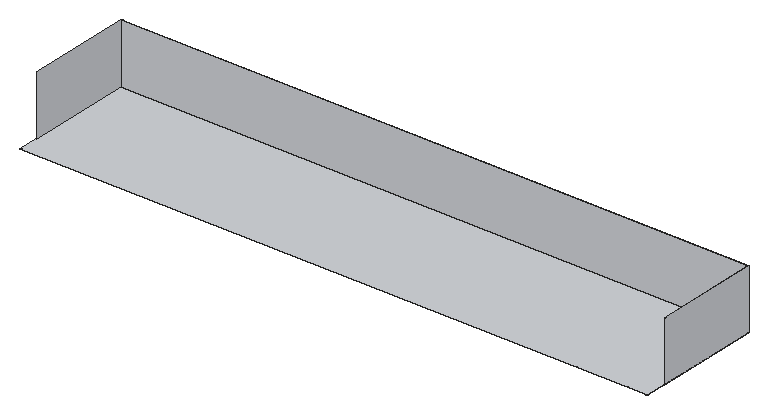
Revit family "FILI_БалконЛоджия_РасчетИнсоляции_Условно_R21(ОбМод)", category Обобщенные модели, Revit 2021
Family settings
  Может служить основой для арматурных стержней = Нет
  Размер круглого соединителя = Использовать диаметр
  Тип детали = Нормальный
  На основе рабочей плоскости = Нет
  Всегда вертикально = Да
  При загрузке вырезать с полостями = Да
  Общий = Нет
  Точка принадлежности помещению = Нет
Parameters (values of type "Окно_Расчетное")
  ЦентрИнсоляции_Наличие [instance] = yes
  Центр_Сдвиг_Ширина [instance] = 440 mm
  Центр_Сдвиг_Глубина [instance] = 740 mm
  Центр_Сдвиг_Высота [instance] = 700 mm
  УГО_Центр [instance] = yes
  ТехГлуб [instance] = 698.642 mm
  Сдвиг_Оси [instance] = yes
  Сдвиг_Начало [instance] = yes
  Отметка по умолчанию = 0 mm
  ОкноШирБ [instance] = 700 mm
  ОкноШирА [instance] = 700 mm
  Ограждение_Толщина_Тех = 1 mm  # constant formula
  Ограждение_Высота [instance] = 440.709 mm
  Ограждение_Видимость = yes
  БалконШирА [instance] = 1500 mm
  Балкон_Ширина [instance] = 4600 mm
  Балкон_Глубина [instance] = 766.941 mm
  БалкШирБ [instance] = 3100 mm
  FILI_ПериодИнсоляции [instance] = ""
  FILI_ОбщееВремяИнсоляции_Точка [instance] = 0.0 min
  ADSK_Размер_Ширина [instance] = 1400 mm
  ADSK_Размер_Глубина [instance] = 300 mm
  ADSK_Размер_Высота [instance] = 2100 mm
Reference planes
  plane 1 "По центру (Вперед/Назад)": y = 0
  plane 2: z = 0
  plane 3 "По центру (Влево/Вправо)": x = 0
  plane 4: x = -700
  plane 5: y = -150
  plane 6: x = 700
  plane 7: y = 150
  plane 8: z = 2100
  plane 9: z = 700
  plane 10: y = -108.642
  plane 11: x = 260
  plane 12: y = 590
  plane 13: y = 916.941
  plane 14: x = -1500
  plane 15: x = 3100
  plane 16: x = -1501
  plane 17: y = 917.941
  plane 18: x = 3101
  plane 19: z = 440.709
Forms (mm)
  Extrusion 1, void
    sketch origin (0, 0, 0) x (1, 0, 0) y (0, 1, 0)
      loop
        line (700, -150) -> (700, 150) -> (3100, 150) -> (3100, 916.941) -> (-1500, 916.941) -> (-1500, 150) -> (-700, 150) -> (-700, -150) -> (700, -150)
    from 0 to 2100
  Extrusion 2, solid, visible <- "Ограждение_Видимость"
    sketch origin (0, 0, 0) x (1, 0, 0) y (0, 1, 0)
      loop
        line (-1501, 917.941) -> (-1501, 150) -> (-1500, 150) -> (-1500, 916.941) -> (3100, 916.941) -> (3100, 150) -> (3101, 150) -> (3101, 917.941) -> (-1501, 917.941)
    from 0 to 440.709
  Extrusion 3, solid
    sketch origin (0, 0, 0) x (1, 0, 0) y (0, 1, 0)
      loop
        line (-1501, 917.941) -> (-1501, 0) -> (3101, 0) -> (3101, 917.941) -> (-1501, 917.941)
    from 1 to 0
Lines and regions (mm)
  Masking region 1, visible <- "Сдвиг_Начало"
    outline origin (0, 0, 0) x (1, 0, 0) y (0, 1, 0)
      loop
        line (700, -150) -> (700, -518.709) -> (1085.441, -150) -> (700, -150)
  symbolic lines, style "Контур"
    curve 1: line (-1500, 150, 0) -> (3100, 150, 0)
    curve 2: line (-700, -150, 0) -> (-700, 150, 0)
    curve 3: line (700, -150, 0) -> (-700, -150, 0)
    curve 4: line (700, 150, 0) -> (700, -150, 0)
    curve 12: line (-1500, 916.941, 0) -> (3100, 916.941, 0)
    curve 13: line (-1500, 916.941, 0) -> (-1500, 150, 0)
    curve 14: line (3100, 916.941, 0) -> (3100, 150, 0)
  symbolic lines, style "УГО_НачалоСдвига", visible <- "Сдвиг_Оси"
    curve 5: line (900, 590, 0) -> (-300, 590, 0)
    curve 6: line (260, 790, 0) -> (260, 390, 0)
    curve 19: line (800, -108.642, 0) -> (-800, -108.642, 0)
  symbolic lines
    curve 7: line (-700, 0, 2100) -> (700, 0, 2100)
    curve 8: line (700, 0, 2100) -> (700, 0, 0)
    curve 9: line (-700, 0, 0) -> (700, 0, 0)
    curve 10: line (-700, 0, 2100) -> (-700, 0, 0)
  symbolic lines, style "УГО_Перекрестие_Центра"
    curve 11: line (3076.836, 0, 700) -> (-1802.372, 0, 700)
    curve 15: line (260, 590, 0) -> (-700, -108.642, 0)
    curve 16: line (260, 590, 0) -> (3100, 916.941, 0)
    curve 17: line (260, 590, 0) -> (-1500, 916.941, 0)
    curve 18: line (700, -108.642, 0) -> (260, 590, 0)
Dimensions and locks
  "ADSK_Размер_Глубина": plane 5 to plane 7
  equal spacing: plane 7, plane 1 "По центру (Вперед/Назад)", plane 5
  "ADSK_Размер_Ширина": plane 4 to plane 6
  "ADSK_Размер_Высота": plane 8 to level
  "Центр_Сдвиг_Высота": plane 9 to level
  "Центр_Сдвиг_Глубина": plane 12 to plane 5
  "Центр_Сдвиг_Ширина": plane 11 to plane 6
  "Балкон_Глубина": plane 7 to plane 13
  "Балкон_Ширина": plane 14 to plane 15
  "ОкноШирА": plane 4 to plane 3 "По центру (Влево/Вправо)"
  "ОкноШирБ": plane 3 "По центру (Влево/Вправо)" to plane 6
  "БалконШирА": plane 14 to plane 3 "По центру (Влево/Вправо)"
  "БалкШирБ": plane 3 "По центру (Влево/Вправо)" to plane 15
  locked: plane 6 to Masking region 1 sketch curve at 385.441
  locked: plane 5 to Masking region 1 sketch curve at 368.709
  locked: curve 6 to plane 12 at 200
  locked: plane 12 to curve 6 at 200
  locked: curve 1 to plane 7
  locked: curve 5 to plane 11 at 560
  locked: plane 11 to curve 5 at 640
  "Ограждение_Толщина_Тех": plane 15 to plane 18
  "Ограждение_Толщина_Тех": plane 17 to plane 13
  "Ограждение_Толщина_Тех": plane 16 to plane 14
  "Ограждение_Высота": plane 19 to level
  "ТехГлуб": plane 10 to plane 12
  locked: curve 19 to plane 4 at 100
  locked: plane 6 to curve 19 at 100
  locked: Extrusion 3 to level at 1
  aligned and locked: level to plane 2
  aligned and locked: curve 4 to plane 6
  aligned and locked: plane 6 to Extrusion 1 sketch curve
  aligned and locked: Extrusion 1 sketch curve to plane 5
  aligned and locked: Extrusion 1 sketch curve to plane 4
  aligned and locked: Extrusion 1 to plane 8
  aligned and locked: Extrusion 1 to level
  aligned and locked: Masking region 1 to plane 6
  aligned and locked: plane 5 to Masking region 1
  aligned and locked: curve 6 to plane 11
  aligned and locked: curve 7 to plane 8
  aligned and locked: curve 8 to plane 6
  aligned and locked: curve 9 to level
  aligned and locked: curve 10 to plane 4
  aligned and locked: curve 11 to plane 9
  aligned and locked: plane 11 to nested 1
  aligned and locked: nested 1 to plane 9
  aligned and locked: plane 14 to curve 1
  aligned and locked: plane 13 to curve 12
  aligned and locked: Extrusion 1 sketch curve to plane 7
  aligned and locked: Extrusion 1 sketch curve to plane 13
  aligned and locked: Extrusion 1 sketch curve to plane 14
  aligned and locked: Extrusion 1 sketch curve to plane 15
  aligned and locked: curve 5 to plane 12
  aligned and locked: plane 7 to Extrusion 1  (x2)
  aligned and locked: plane 12 to nested 1
  aligned and locked: plane 4 to curve 15
  aligned and locked: plane 11 to curve 16
  aligned and locked: plane 13 to curve 16
  aligned and locked: plane 15 to curve 16
  aligned and locked: plane 14 to curve 17
  aligned and locked: plane 12 to curve 17
  aligned and locked: plane 6 to curve 18
  aligned and locked: Extrusion 2 sketch curve to plane 17
  aligned and locked: plane 16 to Extrusion 2 sketch curve
  aligned and locked: Extrusion 2 sketch curve to plane 7  (x2)
  aligned and locked: plane 18 to Extrusion 2 sketch curve
  aligned and locked: plane 13 to Extrusion 2 sketch curve
  aligned and locked: plane 14 to Extrusion 2 sketch curve
  aligned and locked: Extrusion 2 sketch curve to plane 15
  aligned and locked: Extrusion 2 to level
  aligned and locked: Extrusion 2 to plane 19
  aligned and locked: Extrusion 3 sketch curve to plane 17
  aligned and locked: Extrusion 3 sketch curve to plane 16
  aligned and locked: plane 18 to Extrusion 3 sketch curve
  aligned and locked: Extrusion 3 sketch curve to plane 1 "По центру (Вперед/Назад)"
  aligned and locked: level to Extrusion 3
Automatic sketch dimensions
  curve 11 to plane 16 = 301.372 mm
  curve 11 to plane 15 = 23.164 mm
  plane 7 to Extrusion 1 sketch curve = 0 mm
  Masking region 1 sketch curve to plane 6 = 0 mm
  Masking region 1 sketch curve to plane 5 = 0 mm
  plane 10 to curve 19 = 0 mm
  curve 15 to plane 11 = 0 mm
  curve 18 to plane 11 = 0 mm
  curve 3 to plane 5 = 0 mm
  plane 10 to curve 15 = 0 mm
  plane 10 to curve 18 = 0 mm
Nested families
  nested 1: "Вл_PRM_ЦентрИнсоляции_R21(Окна)" at (260, 590, 700), УГО_Видимость <- "УГО_Центр", visible <- "ЦентрИнсоляции_Наличие", FILI_ОбщееВремяИнсоляции_Точка <- "FILI_ОбщееВремяИнсоляции_Точка", type "ЦентрИнсоляции_Тех"
    with УГО_Видимость yes
Definition of nested family "Вл_PRM_ЦентрИнсоляции_R21(Окна)"
  Parameters (values of type "ЦентрИнсоляции_Тех")
    Default Elevation = 0 mm
    Define Thermal Properties by = 1
    Description = "ТочкаРасчетаИнсоляции"  # constant formula
    Type Comments = "Вложенная точка рачета инслояции"  # constant formula
    УГО_Видимость [instance] = yes
    Analytic Construction = "<Нет>"
    FILI_ОбщееВремяИнсоляции_Точка [instance] = 0.0 min
  Reference planes
    plane 1 "По центру (Вперед/Назад)": y = 0
    plane 2: z = 0
    plane 3 "По центру (Влево/Вправо)": x = 0
  Forms (mm)
    Revolve 1, solid, not visible
      sketch origin (0, 0, 0) x (1, 0, 0) y (0, 1, 0)
        loop
          arc (0, 240) -> (-240, 0) -> (0, -240) r 240
          line (0, -240) -> (0, 240)
        axis (0, 240) -> (0, -240)
      angle from 0 to 360
  Lines and regions (mm)
    Masking region 1, visible <- "УГО_Видимость"
      outline origin (0, 0, 0) x (1, 0, 0) y (0, 1, 0)
        loop
          circle (0, 0) r 200
    Masking region 2, visible <- "УГО_Видимость"
      outline origin (0, 0, 0) x (1, 0, 0) y (0, 0, 1)
        loop
          circle (0, 0) r 200
    Masking region 3
      outline origin (0, 0, 0) x (0, 1, 0) y (0, 0, 1)
        loop
          circle (0, 0) r 200
    symbolic lines
      curve 1: line (0, 0, 240) -> (0, 0, -235)
      curve 2: line (0, 240, 0) -> (0, -240, 0)
    symbolic lines, visible <- "УГО_Видимость"
      curve 3: line (0, 0, 240) -> (0, 0, -240)
      curve 4: line (240, 0, 0) -> (-240, 0, 0)
      curve 5: line (0, 240, 0) -> (0, -240, 0)
      curve 6: line (-240, 0, 0) -> (240, 0, 0)
  Dimensions and locks
    aligned and locked: level to plane 2
    aligned and locked: Revolve 1 sketch curve to plane 3 "По центру (Влево/Вправо)"  (x2)
    aligned and locked: plane 3 "По центру (Влево/Вправо)" to Revolve 1 sketch curve
    aligned and locked: level to curve 2
    aligned and locked: plane 1 "По центру (Вперед/Назад)" to curve 1
    aligned and locked: curve 3 to plane 3 "По центру (Влево/Вправо)"
    aligned and locked: level to curve 4
    aligned and locked: curve 5 to plane 3 "По центру (Влево/Вправо)"
    aligned and locked: plane 1 "По центру (Вперед/Назад)" to curve 6
